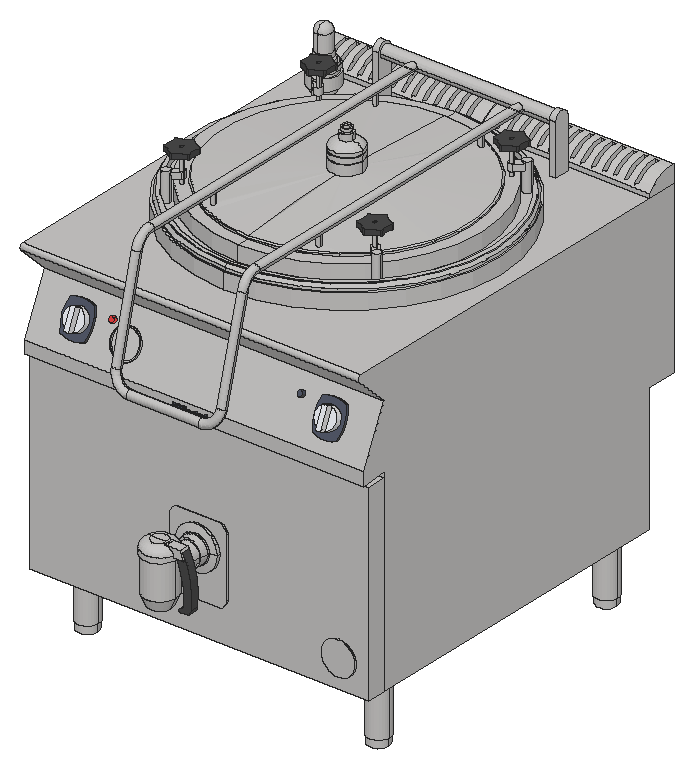
Revit family "QF_ELECTROLUXPROFESSIONAL_391108_E9BSGHDRFC", category Specialty Equipment, Revit 2018 (continued)
Lines and regions (mm)
  symbolic lines
    curve 209: arc (169.615, -295.914, 0) -> (171.677, -296.728, 0) -> (173.74, -295.914, 0) r 3.02
    curve 210: arc (159.181, -237.891, 0) -> (148.498, -233.575, 0) -> (141.51, -242.737, 0) r 9.5
    curve 211: arc (141.51, -242.737, 0) -> (141.692, -244.589, 0) -> (142.232, -246.369, 0) r 9.5
    curve 212: arc (626.292, -229.917, 0) -> (614.378, -238.753, 0) -> (600.772, -244.658, 0) r 65
    curve 213: arc (600.772, -244.658, 0) -> (599.046, -246.028, 0) -> (598.722, -248.207, 0) r 3
    curve 214: arc (598.722, -248.207, 0) -> (600.412, -262.931, 0) -> (598.722, -277.654, 0) r 65
    curve 215: arc (598.722, -277.654, 0) -> (599.046, -279.833, 0) -> (600.772, -281.203, 0) r 3
    curve 216: arc (600.772, -281.203, 0) -> (614.359, -287.097, 0) -> (626.26, -295.914, 0) r 65
    curve 217: arc (626.26, -295.914, 0) -> (628.323, -296.728, 0) -> (630.385, -295.914, 0) r 3.02
    curve 218: arc (630.385, -295.914, 0) -> (642.286, -287.097, 0) -> (655.873, -281.203, 0) r 65
    curve 219: arc (655.873, -281.203, 0) -> (657.599, -279.833, 0) -> (657.923, -277.654, 0) r 3
    curve 220: arc (657.923, -277.654, 0) -> (656.233, -262.931, 0) -> (657.923, -248.207, 0) r 65
    curve 221: arc (657.923, -248.207, 0) -> (657.599, -246.028, 0) -> (655.873, -244.658, 0) r 3
    curve 222: arc (655.873, -244.658, 0) -> (642.267, -238.753, 0) -> (630.353, -229.917, 0) r 65
    curve 223: arc (630.353, -229.917, 0) -> (628.323, -229.115, 0) -> (626.292, -229.917, 0) r 2.971
    curve 224: arc (632.323, -262.931, 0) -> (628.323, -266.931, 0) -> (624.323, -262.931, 0) r 4
    curve 225: arc (624.323, -262.931, 0) -> (628.323, -258.931, 0) -> (632.323, -262.931, 0) r 4
    curve 226: arc (657.768, -246.369, 0) -> (653.24, -234.241, 0) -> (640.819, -237.891, 0) r 9.5
    curve 227: arc (400, -829, 0) -> (341.533, -824.274, 0) -> (284.584, -810.217, 0) r 364
    curve 228: arc (400, -819.087, 0) -> (341.488, -814.219, 0) -> (284.584, -799.749, 0) r 354.087
    curve 229: arc (400, -810.163, 0) -> (341.443, -805.16, 0) -> (284.584, -790.295, 0) r 345.163
    curve 230: arc (400, -785.832, 0) -> (341.301, -780.416, 0) -> (284.584, -764.353, 0) r 320.832
    curve 231: arc (400, -753.723, 0) -> (341.05, -747.641, 0) -> (284.584, -729.651, 0) r 288.723
    curve 232: arc (400, -176.277, 0) -> (458.95, -182.359, 0) -> (515.416, -200.349, 0) r 288.723
    curve 233: arc (400, -144.168, 0) -> (458.699, -149.584, 0) -> (515.416, -165.647, 0) r 320.832
    curve 234: arc (400, -119.837, 0) -> (458.557, -124.84, 0) -> (515.416, -139.705, 0) r 345.163
    curve 235: arc (454.332, -115.106, 0) -> (485.211, -121.319, 0) -> (515.416, -130.251, 0) r 354.087
    curve 236: arc (500.351, -115.106, 0) -> (507.909, -117.363, 0) -> (515.416, -119.783, 0) r 364
    curve 237: arc (284.584, -119.783, 0) -> (292.091, -117.363, 0) -> (299.649, -115.106, 0) r 364
    curve 238: arc (284.584, -130.251, 0) -> (314.789, -121.319, 0) -> (345.668, -115.106, 0) r 354.087
    curve 239: arc (284.584, -139.705, 0) -> (341.443, -124.84, 0) -> (400, -119.837, 0) r 345.163
    curve 240: arc (284.584, -165.647, 0) -> (341.301, -149.584, 0) -> (400, -144.168, 0) r 320.832
    curve 241: arc (284.584, -200.349, 0) -> (341.05, -182.359, 0) -> (400, -176.277, 0) r 288.723
    curve 242: arc (534.416, -209.474, 0) -> (568.945, -230.866, 0) -> (600.131, -256.892, 0) r 288.723
    curve 243: arc (534.416, -173.684, 0) -> (580.763, -199.938, 0) -> (622.126, -233.499, 0) r 320.832
    curve 244: arc (534.416, -147.085, 0) -> (745.163, -465, 0) -> (534.416, -782.915, 0) r 345.163
    curve 245: arc (534.416, -137.418, 0) -> (754.087, -465, 0) -> (534.416, -792.582, 0) r 354.087
    curve 246: arc (534.416, -126.727, 0) -> (764, -465, 0) -> (534.416, -803.273, 0) r 364
    curve 247: arc (265.584, -720.526, 0) -> (231.055, -699.134, 0) -> (199.869, -673.108, 0) r 288.723
    curve 248: arc (265.584, -756.316, 0) -> (219.237, -730.062, 0) -> (177.874, -696.501, 0) r 320.832
    curve 249: arc (265.584, -782.915, 0) -> (54.837, -465, 0) -> (265.584, -147.085, 0) r 345.163
    curve 250: arc (265.584, -792.582, 0) -> (45.913, -465, 0) -> (265.584, -137.418, 0) r 354.087
    curve 251: arc (265.584, -803.273, 0) -> (36, -465, 0) -> (265.584, -126.727, 0) r 364
    curve 252: arc (515.416, -810.217, 0) -> (458.467, -824.274, 0) -> (400, -829, 0) r 364
    curve 253: arc (515.416, -799.749, 0) -> (458.512, -814.219, 0) -> (400, -819.087, 0) r 354.087
    curve 254: arc (515.416, -790.295, 0) -> (458.557, -805.16, 0) -> (400, -810.163, 0) r 345.163
    curve 255: arc (515.416, -764.353, 0) -> (458.699, -780.416, 0) -> (400, -785.832, 0) r 320.832
    curve 256: arc (515.416, -729.651, 0) -> (458.95, -747.641, 0) -> (400, -753.723, 0) r 288.723
    curve 257: arc (199.869, -256.892, 0) -> (231.055, -230.866, 0) -> (265.584, -209.474, 0) r 288.723
    curve 258: arc (177.874, -233.499, 0) -> (219.237, -199.938, 0) -> (265.584, -173.684, 0) r 320.832
    curve 259: arc (632.594, -293.941, 0) -> (688.723, -465, 0) -> (632.594, -636.059, 0) r 288.723
    curve 260: arc (657.013, -272.965, 0) -> (720.832, -465, 0) -> (657.013, -657.035, 0) r 320.832
    curve 261: arc (600.131, -673.108, 0) -> (568.945, -699.134, 0) -> (534.416, -720.526, 0) r 288.723
    curve 262: arc (622.126, -696.501, 0) -> (580.763, -730.062, 0) -> (534.416, -756.316, 0) r 320.832
    curve 263: arc (167.406, -636.059, 0) -> (111.277, -465, 0) -> (167.406, -293.941, 0) r 288.723
    curve 264: arc (142.987, -657.035, 0) -> (79.168, -465, 0) -> (142.987, -272.965, 0) r 320.832
    curve 265: line (284.584, -930, 0) -> (515.416, -930, 0)
    curve 266: line (534.416, -930, 0) -> (800, -930, 0)
    curve 267: arc (363.126, -465, 0) -> (400, -428.126, 0) -> (436.874, -465, 0) r 36.874
    curve 268: arc (436.874, -465, 0) -> (400, -501.874, 0) -> (363.126, -465, 0) r 36.874
    curve 269: arc (411.853, -465, 0) -> (400, -476.853, 0) -> (388.147, -465, 0) r 11.853
    curve 270: arc (388.147, -465, 0) -> (400, -453.147, 0) -> (411.853, -465, 0) r 11.853
    curve 271: arc (393.147, -465, 0) -> (400, -458.147, 0) -> (406.853, -465, 0) r 6.853
    curve 272: arc (406.853, -465, 0) -> (400, -471.853, 0) -> (393.147, -465, 0) r 6.853
  sketch lines
    curve 273: line (524.916, -890.935, 965.089) -> (524.916, -107.606, 965.089)
    curve 274: line (275.084, -890.935, 965.089) -> (275.084, -107.606, 965.089)
    curve 275: line (275.084, -989.388, 712.205) -> (275.084, -929.572, 935.442)
    curve 276: line (484.916, -1000.106, 672.205) -> (315.084, -1000.106, 672.205)
    curve 277: line (524.916, -929.572, 935.442) -> (524.916, -989.388, 712.205)
    curve 278: spline (484.916, -1000.106, 672.205) -> (490.158, -1000.013, 672.551) -> (495.264, -999.741, 673.567) -> (500.22, -999.29, 675.249) -> (504.918, -998.67, 677.565) -> (509.267, -997.891, 680.471) -> (513.2, -996.967, 683.92) -> (516.65, -995.913, 687.855) -> (519.555, -994.746, 692.209) -> (521.869, -993.489, 696.901) -> (523.551, -992.164, 701.847) -> (524.57, -990.793, 706.961) -> (524.916, -989.388, 712.205)
    curve 279: spline (275.084, -989.388, 712.205) -> (275.43, -990.793, 706.963) -> (276.446, -992.161, 701.857) -> (278.128, -993.489, 696.901) -> (280.443, -994.748, 692.203) -> (283.35, -995.913, 687.854) -> (286.799, -996.967, 683.921) -> (290.734, -997.891, 680.471) -> (295.088, -998.67, 677.567) -> (299.78, -999.29, 675.252) -> (304.726, -999.74, 673.571) -> (309.84, -1000.013, 672.552) -> (315.084, -1000.106, 672.205)
    curve 280: arc (275.084, -890.935, 965.089) -> (275.084, -915.286, 956.823) -> (275.084, -929.572, 935.442) r 40
    curve 281: arc (524.916, -929.572, 935.442) -> (524.916, -915.286, 956.823) -> (524.916, -890.935, 965.089) r 40
    curve 282: line (275.084, -107.606, 965.089) -> (275.084, -270.469, 1731.3)
    curve 283: line (275.084, -538.322, 1775.026) -> (275.084, -307.502, 1762.929)
    curve 284: arc (275.084, -270.469, 1731.3) -> (275.084, -283.617, 1753.4) -> (275.084, -307.502, 1762.929) r 40
    curve 285: arc (275.084, -538.322, 1775.026) -> (286.8, -566.568, 1776.497) -> (315.084, -578.268, 1777.106) r 40
    curve 286: line (315.084, -578.268, 1777.106) -> (484.916, -578.268, 1777.106)
    curve 287: arc (524.916, -538.322, 1775.026) -> (513.2, -566.568, 1776.497) -> (484.916, -578.268, 1777.106) r 40
    curve 288: line (524.916, -538.322, 1775.026) -> (524.916, -307.502, 1762.929)
    curve 289: arc (524.916, -270.469, 1731.3) -> (524.916, -283.617, 1753.4) -> (524.916, -307.502, 1762.929) r 40
    curve 290: line (524.916, -107.606, 965.089) -> (524.916, -270.469, 1731.3)
Dimensions and locks
  equal spacing: plane 3 "LEFT", plane 7 "Center Y", plane 4 "RIGHT"
  "Width": plane 3 "LEFT" to plane 4 "RIGHT"
  equal spacing: plane 5 "FRONT", plane 8 "Center X", plane 1 "BACK"
  "Depth": plane 5 "FRONT" to plane 1 "BACK"
  "Height": plane 6 "TOP" to level
  plane 11 to level = 1786 mm  (x2)
  plane 9 "Base" to level = 150 mm  (x2)
  plane 6 "TOP" to plane 9 "Base" = 700 mm
  plane 12 to plane 3 "LEFT" = 56 mm
  plane 4 "RIGHT" to plane 13 = 56 mm
  plane 12 to plane 13 = 688 mm
  Extrusion 3 to plane 10 = 116 mm
  plane 1 "BACK" to Extrusion 3 = 901 mm
  Extrusion 3 to plane 9 "Base" = 299 mm
  plane 1 "BACK" to Extrusion 3 = 72 mm
  Extrusion 19 sketch curve to plane 1 "BACK" = 655 mm
  Extrusion 19 sketch curve to plane 4 "RIGHT" = 54 mm
  Extrusion 20 sketch curve to plane 1 "BACK" = 721 mm
  Extrusion 20 sketch curve to plane 4 "RIGHT" = 71 mm
  Extrusion 20 to plane 1 "BACK" = 721 mm
  Extrusion 19 to plane 1 "BACK" = 655 mm
  plane 14 to plane 4 "RIGHT" = 54 mm
  plane 15 to plane 4 "RIGHT" = 71 mm
  Extrusion 21 sketch curve to plane 1 "BACK" = 646 mm
  Extrusion 21 sketch curve to plane 1 "BACK" = 716 mm
  Extrusion 21 to plane 1 "BACK" = 646 mm
  Extrusion 21 to plane 1 "BACK" = 716 mm
  plane 3 "LEFT" to plane 16 = 46 mm
  plane 1 "BACK" to plane 19 = 127 mm
  Revolve 33 to level = 266 mm
  plane 9 "Base" to Extrusion 21 = 13 mm
  level to Extrusion 21 = 137 mm
  plane 6 "TOP" to level = 850 mm
  Extrusion 36 sketch curve to plane 1 "BACK" = 716 mm
  plane 19 to plane 20 to Extrusion 3 = 674 mm, 100 mm
  aligned and locked: level to plane 2
  aligned and locked: plane 4 "RIGHT" to Extrusion 3
Automatic sketch dimensions
  curve 127 to curve 129 = 0 mm  (x2)
  curve 127 to curve 131 = 0 mm  (x2)
  curve 127 to curve 133 = 0 mm  (x2)
  curve 164 to curve 165 = 0 mm  (x2)
  curve 210 to curve 211 = 0 mm
  curve 227 to curve 228 = 0 mm  (x2)
  curve 227 to curve 229 = 0 mm  (x2)
  curve 227 to curve 230 = 0 mm  (x2)
  curve 227 to curve 231 = 0 mm  (x2)
  curve 227 to curve 232 = 0 mm  (x2)
  curve 227 to curve 233 = 0 mm  (x2)
  curve 227 to curve 234 = 0 mm  (x2)
  curve 227 to curve 235 = 0 mm  (x2)
  curve 227 to curve 236 = 0 mm  (x2)
  curve 227 to curve 237 = 0 mm  (x2)
  curve 227 to curve 238 = 0 mm  (x2)
  curve 227 to curve 239 = 0 mm
  curve 227 to curve 240 = 0 mm
  curve 227 to curve 241 = 0 mm
  curve 227 to curve 242 = 0 mm  (x2)
  curve 227 to curve 243 = 0 mm  (x2)
  curve 227 to curve 244 = 0 mm  (x2)
  curve 227 to curve 245 = 0 mm  (x2)
  curve 227 to curve 246 = 0 mm  (x2)
  curve 227 to curve 247 = 0 mm  (x2)
  curve 227 to curve 248 = 0 mm  (x2)
  curve 227 to curve 249 = 0 mm  (x2)
  curve 227 to curve 250 = 0 mm  (x2)
  curve 227 to curve 251 = 0 mm  (x2)
  curve 227 to curve 252 = 0 mm
  curve 227 to curve 253 = 0 mm
  curve 227 to curve 254 = 0 mm
  curve 227 to curve 255 = 0 mm
  curve 227 to curve 256 = 0 mm
  curve 227 to curve 257 = 0 mm  (x2)
  curve 227 to curve 258 = 0 mm  (x2)
  curve 227 to curve 259 = 0 mm  (x2)
  curve 227 to curve 260 = 0 mm  (x2)
  curve 227 to curve 261 = 0 mm  (x2)
  curve 227 to curve 262 = 0 mm  (x2)
  curve 227 to curve 263 = 0 mm  (x2)
  curve 227 to curve 264 = 0 mm  (x2)
  curve 238 to curve 267 = 0 mm
  curve 249 to curve 267 = 0 mm
  curve 268 to curve 272 = 0 mm  (x2)
  curve 270 to curve 272 = 0 mm  (x2)
  plane 5 "FRONT" to curve 3 = 0 mm
  curve 8 to plane 3 "LEFT" = 0 mm
  curve 132 to plane 19 = 0 mm
  curve 211 to plane 17 = 0 mm
  curve 195 to plane 17 = 0 mm
  plane 5 "FRONT" to curve 4 = 0 mm
  plane 5 "FRONT" to curve 265 = 0 mm
  curve 268 to plane 8 "Center X" = 0 mm
  curve 267 to plane 7 "Center Y" = 0 mm
  curve 164 to plane 7 "Center Y" = 0 mm
  plane 5 "FRONT" to curve 266 = 0 mm
  curve 180 to plane 18 = 0 mm
  curve 226 to plane 18 = 0 mm
  curve 266 to plane 4 "RIGHT" = 0 mm
  plane 5 "FRONT" to curve 1 = 0 mm
  plane 10 to curve 165 = 0 mm
  plane 1 "BACK" to curve 5 = 0 mm
  curve 3 to plane 3 "LEFT" = 50 mm
  plane 1 "BACK" to curve 14 = 6.761 mm
  plane 16 to curve 14 = 17.297 mm
  plane 16 to curve 16 = 8.001 mm
  plane 12 to curve 20 = 0.809 mm
  curve 20 to plane 12 = 8.487 mm
  curve 131 to plane 12 = 19 mm
  curve 206 to plane 12 = 22.767 mm
  curve 185 to plane 12 = 22.767 mm
  plane 1 "BACK" to curve 23 = 6.761 mm
  curve 19 to curve 23 = 16.193 mm
  curve 22 to curve 22 = 9.296 mm
  plane 1 "BACK" to curve 29 = 6.761 mm
  curve 22 to curve 29 = 16.193 mm
  curve 28 to curve 27 = 9.296 mm
  plane 17 to curve 183 = 25.788 mm
  plane 17 to curve 187 = 25.788 mm
  plane 17 to curve 204 = 25.788 mm
  curve 26 to curve 31 = 16.193 mm
  plane 17 to curve 264 = 8.023 mm  (x2)
  curve 31 to curve 33 = 9.296 mm
  curve 206 to curve 264 = 0.91 mm
  curve 211 to curve 210 = 9.5 mm
  curve 184 to curve 264 = 0.91 mm
  curve 210 to curve 206 = 0.567 mm
  plane 17 to curve 186 = 8.933 mm
  curve 205 to curve 206 = 0 mm
  curve 185 to curve 186 = 0 mm
  curve 206 to curve 207 = 0 mm
  curve 185 to curve 184 = 0 mm
  curve 205 to curve 211 = 0.155 mm
  curve 185 to curve 195 = 0.261 mm
  curve 185 to curve 184 = 2.05 mm
  curve 206 to curve 208 = 2.05 mm
  curve 195 to curve 187 = 1.788 mm
  curve 211 to curve 205 = 1.895 mm
  curve 186 to curve 187 = 0 mm
  curve 207 to curve 208 = 0 mm
  curve 183 to curve 184 = 0 mm
  curve 204 to curve 205 = 0 mm
  curve 204 to curve 205 = 0.873 mm
  curve 183 to curve 184 = 0.873 mm
  curve 186 to curve 186 = 0.873 mm
  curve 207 to curve 207 = 2.922 mm
  curve 37 to plane 17 = 6.135 mm
  curve 210 to plane 17 = 8.171 mm
  curve 195 to plane 17 = 8.37 mm
  curve 36 to curve 36 = 9.296 mm
  curve 263 to plane 17 = 16.396 mm  (x2)
  curve 193 to plane 17 = 16.667 mm
  curve 197 to plane 17 = 16.667 mm
  curve 263 to curve 182 = 2.209 mm
  curve 183 to curve 182 = 0 mm
  curve 263 to curve 209 = 2.209 mm
  curve 208 to curve 209 = 0 mm
  curve 210 to curve 203 = 10.466 mm
  curve 195 to curve 188 = 10.267 mm
  curve 204 to curve 203 = 0 mm
  curve 187 to curve 188 = 0 mm
  curve 209 to curve 209 = 2.063 mm  (x2)
  curve 196 to curve 196 = 4 mm
  curve 187 to curve 188 = 2.031 mm
  curve 204 to curve 203 = 2.031 mm
  curve 193 to curve 193 = 4 mm
  curve 183 to curve 182 = 2.063 mm
  curve 203 to curve 203 = 2.031 mm
  curve 188 to curve 188 = 2.031 mm
  curve 202 to curve 203 = 0 mm
  curve 189 to curve 188 = 0 mm
  curve 182 to curve 181 = 2.063 mm
  curve 198 to curve 209 = 0 mm
  curve 182 to curve 181 = 0 mm
  curve 203 to curve 258 = 4.166 mm
  curve 189 to curve 248 = 4.166 mm
  plane 1 "BACK" to curve 38 = 6.761 mm
  curve 35 to curve 38 = 16.193 mm
  curve 39 to curve 148 = 0.877 mm
  curve 39 to curve 41 = 9.296 mm
  curve 148 to curve 148 = 14.583 mm
  curve 248 to curve 190 = 20.482 mm
  curve 196 to curve 199 = 22.678 mm
  curve 258 to curve 201 = 20.482 mm
  curve 193 to curve 192 = 22.678 mm
  curve 192 to curve 181 = 0.873 mm
  curve 190 to curve 190 = 0.873 mm
  curve 201 to curve 201 = 0.873 mm
  curve 202 to curve 201 = 0 mm
  curve 189 to curve 190 = 0 mm
  curve 199 to curve 199 = 0.873 mm
  curve 192 to curve 181 = 0 mm
  curve 198 to curve 199 = 0 mm
  curve 201 to curve 257 = 1.514 mm
  curve 190 to curve 247 = 1.514 mm
  curve 192 to curve 191 = 2.922 mm
  curve 201 to curve 201 = 2.922 mm
  curve 192 to curve 191 = 0 mm
  curve 190 to curve 191 = 2.922 mm
  curve 200 to curve 201 = 0 mm
  curve 190 to curve 191 = 0 mm
  curve 199 to curve 199 = 2.922 mm
  curve 200 to curve 199 = 0 mm
  plane 1 "BACK" to curve 45 = 6.761 mm
  curve 38 to curve 45 = 16.193 mm
  curve 42 to curve 43 = 9.296 mm
  curve 199 to curve 198 = 18.905 mm
  curve 190 to curve 189 = 18.905 mm
  curve 201 to curve 202 = 18.905 mm
  plane 1 "BACK" to curve 47 = 6.761 mm
  curve 43 to curve 47 = 16.193 mm
  curve 47 to curve 48 = 9.296 mm
  plane 1 "BACK" to curve 53 = 6.761 mm
  curve 46 to curve 53 = 16.193 mm
  curve 50 to curve 51 = 9.296 mm
  curve 159 to curve 160 = 11.018 mm
  curve 159 to curve 160 = 0 mm
  curve 152 to curve 159 = 16.906 mm
  curve 238 to plane 19 = 3.251 mm
  curve 251 to curve 238 = 19 mm
  plane 1 "BACK" to curve 54 = 6.761 mm
  curve 51 to curve 54 = 16.193 mm
  curve 54 to curve 54 = 9.296 mm
  curve 153 to curve 237 = 15.065 mm
  curve 56 to curve 58 = 16.193 mm
  curve 160 to plane 5 "FRONT" = 18.895 mm
  curve 265 to curve 160 = 26.349 mm
  curve 160 to curve 158 = 4.31 mm
  curve 156 to plane 10 = 7.425 mm
  curve 60 to curve 59 = 9.296 mm
  plane 1 "BACK" to curve 63 = 6.761 mm
  curve 59 to curve 63 = 16.193 mm
  curve 63 to curve 65 = 9.296 mm
  plane 19 to curve 238 = 11.894 mm
  curve 164 to plane 7 "Center Y" = 40.433 mm
  curve 64 to curve 69 = 16.193 mm
  curve 268 to plane 7 "Center Y" = 36.874 mm
  plane 5 "FRONT" to curve 10 = 4.772 mm
  curve 10 to plane 7 "Center Y" = 31.52 mm
  curve 164 to curve 165 = 8.979 mm
  curve 66 to curve 66 = 9.296 mm
  curve 165 to curve 12 = 4.144 mm
  curve 269 to plane 7 "Center Y" = 11.853 mm
  curve 269 to curve 272 = 5 mm
  plane 7 "Center Y" to curve 136 = 15.663 mm
  curve 13 to curve 165 = 4.144 mm
  plane 1 "BACK" to curve 124 = 6.761 mm
  plane 7 "Center Y" to curve 124 = 29.653 mm
  curve 13 to curve 9 = 4.21 mm
  curve 123 to curve 124 = 9.296 mm
  plane 10 to curve 164 = 10.975 mm
  curve 122 to curve 235 = 15.384 mm
  curve 122 to curve 121 = 16.193 mm
  curve 164 to curve 139 = 17.124 mm
  curve 137 to curve 138 = 3.801 mm
  curve 138 to curve 141 = 3.334 mm
  curve 120 to curve 119 = 9.296 mm
  plane 1 "BACK" to curve 116 = 6.761 mm
  curve 118 to curve 116 = 16.193 mm
  curve 138 to curve 140 = 22.077 mm
  curve 140 to curve 156 = 2.138 mm
  curve 161 to curve 156 = 0 mm
  curve 157 to curve 161 = 0 mm
  curve 161 to curve 163 = 4.31 mm
  curve 115 to curve 117 = 9.296 mm
  curve 235 to curve 236 = 46.018 mm
  curve 114 to curve 113 = 16.193 mm
  curve 110 to curve 111 = 9.296 mm
  curve 161 to curve 254 = 30.659 mm
  curve 155 to curve 162 = 2.094 mm
  curve 163 to plane 10 = 13.503 mm
  curve 162 to curve 163 = 5.889 mm
  curve 162 to curve 163 = 0 mm
  curve 111 to curve 106 = 16.193 mm
  curve 261 to curve 168 = 0.996 mm
  curve 242 to curve 214 = 0.996 mm
  curve 106 to curve 109 = 9.296 mm
  plane 1 "BACK" to curve 105 = 6.761 mm
  curve 108 to curve 105 = 16.193 mm
  curve 102 to curve 102 = 9.296 mm
  curve 243 to curve 212 = 47.451 mm
  curve 216 to plane 18 = 67.123 mm
  curve 166 to plane 18 = 67.123 mm
  curve 262 to curve 170 = 47.451 mm
  curve 103 to curve 99 = 16.193 mm
  curve 99 to curve 101 = 9.296 mm
  curve 168 to plane 18 = 50.268 mm
  curve 215 to plane 18 = 50.268 mm
  curve 214 to curve 215 = 0 mm  (x2)
  curve 167 to curve 168 = 0 mm
  curve 169 to curve 167 = 0 mm
  curve 168 to curve 169 = 0 mm
  curve 213 to curve 214 = 0 mm
  curve 168 to curve 261 = 1.408 mm
  curve 214 to curve 242 = 1.408 mm
  curve 167 to curve 166 = 2.05 mm
  curve 168 to curve 170 = 2.05 mm
  curve 169 to curve 170 = 0 mm
  curve 214 to curve 215 = 2.05 mm
  curve 213 to curve 213 = 2.05 mm
  curve 212 to curve 213 = 0 mm
  curve 216 to curve 215 = 0 mm
  curve 167 to curve 166 = 0 mm
  curve 215 to curve 215 = 0.873 mm
  curve 168 to curve 169 = 2.922 mm
  curve 167 to curve 167 = 2.922 mm
  curve 212 to curve 213 = 0.873 mm
  curve 98 to curve 147 = 10.028 mm
  curve 98 to curve 126 = 16.193 mm
  curve 142 to curve 142 = 14.583 mm
  curve 96 to curve 96 = 9.296 mm
  curve 170 to curve 262 = 21.354 mm
  curve 213 to curve 243 = 21.354 mm
  curve 179 to plane 18 = 24.667 mm
  curve 224 to plane 18 = 24.667 mm
  curve 217 to plane 18 = 22.73 mm
  curve 166 to plane 18 = 22.73 mm
  curve 177 to curve 166 = 0 mm
  curve 216 to curve 217 = 0 mm
  curve 262 to curve 170 = 4.166 mm
  curve 171 to curve 170 = 0 mm
  curve 243 to curve 223 = 4.166 mm
  curve 212 to curve 223 = 0 mm
  curve 171 to curve 171 = 2.031 mm
  curve 178 to curve 178 = 4 mm
  curve 224 to curve 224 = 4 mm
  curve 212 to curve 223 = 2.031 mm
  curve 217 to curve 217 = 2.063 mm
  curve 177 to curve 177 = 2.063 mm  (x2)
  curve 223 to curve 223 = 2.031 mm
  curve 171 to curve 172 = 2.031 mm
  curve 171 to curve 172 = 0 mm
  curve 222 to curve 223 = 0 mm
  curve 217 to curve 218 = 2.063 mm
  curve 217 to curve 218 = 0 mm
  curve 176 to curve 177 = 0 mm
  curve 176 to curve 259 = 2.209 mm
  curve 218 to curve 259 = 2.209 mm
  curve 91 to plane 18 = 15.43 mm
  curve 180 to plane 18 = 8.37 mm
  curve 226 to plane 18 = 8.171 mm
  curve 93 to plane 18 = 6.135 mm
  plane 18 to curve 173 = 6.011 mm
  plane 18 to curve 221 = 6.011 mm
  plane 18 to curve 175 = 6.011 mm
  plane 18 to curve 219 = 6.011 mm
  curve 221 to curve 221 = 0.873 mm
  curve 173 to curve 172 = 0.873 mm
  curve 222 to curve 221 = 0 mm
  curve 173 to curve 172 = 0 mm
  curve 175 to curve 176 = 0.873 mm
  curve 219 to curve 218 = 0.873 mm
  curve 219 to curve 218 = 0 mm
  curve 175 to curve 176 = 0 mm
  curve 219 to curve 260 = 2.012 mm
  curve 175 to curve 260 = 2.012 mm
  curve 173 to curve 180 = 1.788 mm
  curve 221 to curve 226 = 1.895 mm
  curve 175 to curve 175 = 2.922 mm
  curve 226 to curve 221 = 0.155 mm
  curve 220 to curve 221 = 0 mm
  curve 219 to curve 220 = 2.922 mm
  curve 174 to curve 175 = 0 mm
  curve 180 to curve 174 = 0.261 mm
  curve 173 to curve 174 = 0 mm
  curve 219 to curve 220 = 0 mm
  plane 18 to curve 88 = 10.058 mm
  curve 88 to curve 87 = 9.296 mm
  plane 18 to curve 218 = 25.788 mm
  plane 18 to curve 176 = 25.788 mm
  plane 1 "BACK" to curve 84 = 6.761 mm
  curve 86 to curve 84 = 16.193 mm
  curve 83 to curve 84 = 9.296 mm
  plane 1 "BACK" to curve 78 = 6.761 mm
  curve 84 to curve 78 = 16.193 mm
  curve 78 to curve 79 = 9.296 mm
  curve 75 to plane 15 = 6.513 mm
  plane 13 to curve 77 = 0.809 mm
  plane 1 "BACK" to curve 70 = 6.761 mm
  curve 70 to plane 14 = 15.001 mm
  curve 70 to curve 71 = 9.296 mm
  plane 4 "RIGHT" to curve 1 = 50 mm
  curve 136 to curve 138 = 3.039 mm
  curve 156 to curve 157 = 19.044 mm
  curve 159 to curve 153 = 1.575 mm
  curve 162 to curve 161 = 1.575 mm
  curve 252 to curve 229 = 18.837 mm
  curve 253 to curve 229 = 8.924 mm
  curve 245 to curve 244 = 9.667 mm
  curve 255 to curve 262 = 8.036 mm
  curve 230 to curve 256 = 32.108 mm
  curve 172 to curve 262 = 51.031 mm
  curve 195 to curve 193 = 25.162 mm
  curve 180 to curve 178 = 25.162 mm
  curve 264 to curve 184 = 4.689 mm
  curve 196 to curve 210 = 20.194 mm
  curve 225 to curve 242 = 6.038 mm
  curve 257 to curve 241 = 9.125 mm
  curve 258 to curve 240 = 8.036 mm
  curve 127 to curve 127 = 35 mm
  curve 127 to curve 130 = 5 mm
  curve 129 to curve 134 = 5 mm
  curve 133 to curve 131 = 6.817 mm
  curve 234 to curve 235 = 9.454 mm
  plane 19 to curve 149 = 9.5 mm
  curve 144 to curve 146 = 2.379 mm
  curve 146 to curve 147 = 30 mm
  curve 147 to curve 144 = 2.394 mm
  curve 147 to curve 148 = 2.394 mm
  plane 19 to curve 8 = 57.15 mm
  curve 236 to curve 115 = 50.222 mm
  curve 142 to curve 98 = 17.828 mm
  curve 153 to curve 56 = 50.222 mm
  curve 8 to curve 16 = 4.965 mm
  curve 148 to curve 47 = 17.828 mm
  curve 16 to curve 18 = 0 mm
  curve 125 to curve 114 = 0 mm
  curve 148 to curve 45 = 17.828 mm
  curve 41 to curve 42 = 0 mm
  curve 114 to curve 112 = 0 mm
  curve 238 to curve 65 = 50.222 mm
  curve 18 to curve 24 = 0 mm
  curve 32 to curve 39 = 0 mm
  curve 48 to curve 53 = 0 mm
  curve 119 to curve 114 = 0 mm
  curve 142 to curve 96 = 17.828 mm
  curve 103 to curve 98 = 0 mm
  curve 64 to curve 69 = 0 mm
  curve 111 to curve 106 = 0 mm
  curve 95 to curve 87 = 0 mm
  curve 26 to curve 31 = 0 mm
  curve 32 to curve 37 = 0 mm
  curve 56 to curve 61 = 0 mm
  curve 93 to curve 88 = 0 mm
  curve 87 to curve 79 = 0.974 mm
  curve 87 to curve 83 = 0.974 mm
  curve 79 to curve 77 = 0 mm
  curve 74 to curve 73 = 0 mm
  plane 1 "BACK" to curve 75 = 6.761 mm
  plane 1 "BACK" to curve 69 = 6.761 mm
  plane 1 "BACK" to curve 86 = 6.761 mm
  plane 1 "BACK" to curve 91 = 6.761 mm
  plane 1 "BACK" to curve 94 = 6.761 mm
  plane 1 "BACK" to curve 99 = 6.761 mm
  plane 1 "BACK" to curve 107 = 6.761 mm
  plane 1 "BACK" to curve 61 = 6.761 mm
  plane 1 "BACK" to curve 110 = 6.761 mm
  plane 1 "BACK" to curve 118 = 6.761 mm
  plane 1 "BACK" to curve 31 = 6.761 mm
  plane 1 "BACK" to curve 19 = 6.761 mm
  plane 1 "BACK" to curve 35 = 6.761 mm
  curve 2 to plane 1 "BACK" = 50 mm
  Revolve 1 sketch curve to plane 9 "Base" = 0 mm  (x2)
  Revolve 1 sketch curve to level = 0 mm
  plane 12 to Revolve 1 sketch curve = 0 mm  (x2)
  plane 16 to Revolve 1 sketch curve = 13.9 mm
  Revolve 1 sketch curve to Revolve 1 sketch curve = 2.5 mm
  level to Revolve 1 sketch curve = 19.05 mm
  Revolve 1 sketch curve to Revolve 1 sketch curve = 20 mm
  Revolve 2 sketch curve to plane 9 "Base" = 0 mm  (x2)
  Revolve 2 sketch curve to level = 0 mm
  plane 12 to Revolve 2 sketch curve = 0 mm  (x2)
  plane 16 to Revolve 2 sketch curve = 13.9 mm
  Revolve 2 sketch curve to Revolve 2 sketch curve = 2.5 mm
  level to Revolve 2 sketch curve = 19.05 mm
  Revolve 2 sketch curve to Revolve 2 sketch curve = 20 mm
  Extrusion 3 sketch curve to plane 6 "TOP" = 0 mm
  Extrusion 3 sketch curve to plane 9 "Base" = 0 mm  (x2)
  Extrusion 3 sketch curve to plane 1 "BACK" = 0 mm
  plane 19 to Extrusion 3 sketch curve = 55 mm
  Extrusion 3 sketch curve to Extrusion 3 sketch curve = 3.175 mm  (x2)
  Extrusion 3 sketch curve to Extrusion 3 sketch curve = 0.442 mm
  Extrusion 3 sketch curve to plane 5 "FRONT" = 29 mm
  Extrusion 3 sketch curve to plane 5 "FRONT" = 14.69 mm
  Extrusion 3 sketch curve to plane 5 "FRONT" = 7.658 mm
  Extrusion 3 sketch curve to plane 5 "FRONT" = 2.243 mm
  plane 9 "Base" to Extrusion 3 sketch curve = 299 mm
  Extrusion 3 sketch curve to plane 6 "TOP" = 247.929 mm
  Extrusion 3 sketch curve to Extrusion 3 sketch curve = 8.058 mm
  Extrusion 3 sketch curve to Extrusion 3 sketch curve = 9.61 mm
  Extrusion 3 sketch curve to Extrusion 3 sketch curve = 31.298 mm
  Extrusion 3 sketch curve to plane 6 "TOP" = 83.217 mm
  Extrusion 3 sketch curve to plane 6 "TOP" = 13.073 mm
  Extrusion 4 sketch curve to plane 7 "Center Y" = 46.875 mm
  plane 9 "Base" to Extrusion 4 sketch curve = 76.296 mm
  Extrusion 4 sketch curve to Extrusion 4 sketch curve = 20 mm  (x3)
  Extrusion 4 sketch curve to Extrusion 4 sketch curve = 140 mm
  plane 7 "Center Y" to Extrusion 4 sketch curve = 46.875 mm
  Extrusion 4 sketch curve to Extrusion 4 sketch curve = 0 mm
  Revolve 5 sketch curve to plane 7 "Center Y" = 0 mm  (x2)
  plane 7 "Center Y" to Revolve 5 sketch curve = 27.31 mm
  Revolve 5 sketch curve to Revolve 5 sketch curve = 4.21 mm
  Revolve 5 sketch curve to Revolve 5 sketch curve = 2.04 mm
  Revolve 5 sketch curve to Revolve 5 sketch curve = 16.919 mm
  Revolve 5 sketch curve to plane 10 = 22.744 mm
  plane 5 "FRONT" to Revolve 5 sketch curve = 4.737 mm
  Revolve 5 sketch curve to plane 5 "FRONT" = 1.761 mm
  Revolve 5 sketch curve to plane 5 "FRONT" = 13.787 mm
  Revolve 5 sketch curve to Revolve 5 sketch curve = 2.899 mm
  Revolve 5 sketch curve to Revolve 5 sketch curve = 3.596 mm
  Revolve 5 sketch curve to Revolve 5 sketch curve = 24.039 mm
  Revolve 5 sketch curve to Revolve 5 sketch curve = 15.961 mm
  Extrusion 6 sketch curve to Extrusion 3 = 66.87 mm
  Extrusion 6 sketch curve to Extrusion 3 = 126.87 mm
  Extrusion 3 to Extrusion 6 sketch curve = 70.027 mm
  Extrusion 3 to Extrusion 6 sketch curve = 284.973 mm
  plane 18 to Extrusion 7 sketch curve = 20.038 mm
  plane 15 to Extrusion 7 sketch curve = 1.596 mm
  Extrusion 7 sketch curve to Extrusion 7 sketch curve = 0 mm  (x3)
  Extrusion 7 sketch curve to plane 12 = 16.596 mm
  plane 17 to Extrusion 7 sketch curve = 20.038 mm
  Extrusion 7 sketch curve to Extrusion 7 sketch curve = 12.3 mm  (x2)
  Extrusion 7 sketch curve to plane 14 = 7.131 mm
  Extrusion 7 sketch curve to Extrusion 7 sketch curve = 34.925 mm  (x4)
  Extrusion 7 sketch curve to plane 18 = 5.076 mm
  Extrusion 7 sketch curve to plane 17 = 5.076 mm
  plane 16 to Extrusion 7 sketch curve = 0.131 mm
  Extrusion 7 sketch curve to Extrusion 7 sketch curve = 46.691 mm  (x2)
  plane 15 to Extrusion 7 sketch curve = 2.214 mm
  plane 18 to Extrusion 7 sketch curve = 20.651 mm
  Extrusion 7 sketch curve to plane 12 = 17.214 mm
  plane 17 to Extrusion 7 sketch curve = 20.651 mm
  Extrusion 8 sketch curve to Extrusion 8 sketch curve = 0 mm
  Extrusion 8 sketch curve to Extrusion 8 sketch curve = 595.086 mm
  Extrusion 9 sketch curve to Extrusion 9 sketch curve = 24.732 mm  (x2)
  Extrusion 9 sketch curve to Extrusion 9 sketch curve = 0 mm  (x2)
  Extrusion 10 sketch curve to plane 17 = 26.173 mm
  Extrusion 11 sketch curve to plane 18 = 26.173 mm
  plane 7 "Center Y" to Extrusion 12 sketch curve = 21.292 mm
  Extrusion 12 sketch curve to plane 6 "TOP" = 237.067 mm
  Extrusion 12 sketch curve to plane 7 "Center Y" = 13.807 mm
  Extrusion 12 sketch curve to Extrusion 12 sketch curve = 5.041 mm
  plane 7 "Center Y" to Extrusion 12 sketch curve = 5.969 mm
  Extrusion 12 sketch curve to Extrusion 12 sketch curve = 5.06 mm
  Extrusion 12 sketch curve to Extrusion 12 sketch curve = 0 mm  (x27)
  Extrusion 12 sketch curve to Extrusion 12 sketch curve = 5.108 mm  (x2)
  Extrusion 12 sketch curve to Extrusion 12 sketch curve = 0.054 mm
  Extrusion 12 sketch curve to Extrusion 12 sketch curve = 0.218 mm
  Extrusion 12 sketch curve to Extrusion 12 sketch curve = 0.195 mm
  Extrusion 12 sketch curve to Extrusion 12 sketch curve = 0.249 mm
  Extrusion 12 sketch curve to Extrusion 12 sketch curve = 0.316 mm
  Extrusion 12 sketch curve to Extrusion 12 sketch curve = 0.087 mm
  Extrusion 12 sketch curve to Extrusion 12 sketch curve = 0.358 mm
  Extrusion 12 sketch curve to Extrusion 12 sketch curve = 0.481 mm
  Extrusion 12 sketch curve to Extrusion 12 sketch curve = 0.597 mm
  Extrusion 12 sketch curve to Extrusion 12 sketch curve = 0.544 mm
  Extrusion 12 sketch curve to Extrusion 12 sketch curve = 0.936 mm
  Extrusion 12 sketch curve to Extrusion 12 sketch curve = 0.594 mm
  Extrusion 12 sketch curve to Extrusion 12 sketch curve = 0.343 mm
  Extrusion 12 sketch curve to Extrusion 12 sketch curve = 0.159 mm
  Extrusion 12 sketch curve to Extrusion 12 sketch curve = 0.826 mm
  Extrusion 12 sketch curve to Extrusion 12 sketch curve = 0.839 mm
  Extrusion 12 sketch curve to Extrusion 12 sketch curve = 0.852 mm
  Extrusion 12 sketch curve to Extrusion 12 sketch curve = 0.887 mm
  Extrusion 12 sketch curve to Extrusion 12 sketch curve = 0.928 mm
  Extrusion 12 sketch curve to Extrusion 12 sketch curve = 0.938 mm
  Extrusion 12 sketch curve to Extrusion 12 sketch curve = 0.444 mm
  Extrusion 12 sketch curve to Extrusion 12 sketch curve = 1.11 mm  (x3)
  plane 7 "Center Y" to Extrusion 12 sketch curve = 43.726 mm
  Extrusion 12 sketch curve to Extrusion 12 sketch curve = 0.215 mm
  plane 7 "Center Y" to Extrusion 12 sketch curve = 0.332 mm
  Extrusion 12 sketch curve to Extrusion 12 sketch curve = 1.43 mm
  Extrusion 12 sketch curve to Extrusion 12 sketch curve = 1.188 mm
  Extrusion 12 sketch curve to Extrusion 12 sketch curve = 1.21 mm  (x2)
  Extrusion 12 sketch curve to Extrusion 12 sketch curve = 0.503 mm
  plane 7 "Center Y" to Extrusion 12 sketch curve = 48.995 mm
  Extrusion 12 sketch curve to Extrusion 12 sketch curve = 0.488 mm
  plane 7 "Center Y" to Extrusion 12 sketch curve = 52.922 mm
  Extrusion 12 sketch curve to Extrusion 12 sketch curve = 0.462 mm
  Extrusion 12 sketch curve to Extrusion 12 sketch curve = 1.386 mm
  Extrusion 12 sketch curve to Extrusion 12 sketch curve = 1.742 mm
  Extrusion 12 sketch curve to Extrusion 12 sketch curve = 0.821 mm
  Extrusion 12 sketch curve to Extrusion 12 sketch curve = 0.497 mm
  Extrusion 12 sketch curve to Extrusion 12 sketch curve = 0.539 mm
  Extrusion 12 sketch curve to Extrusion 12 sketch curve = 0.199 mm
  Extrusion 12 sketch curve to plane 7 "Center Y" = 0.042 mm
  Extrusion 12 sketch curve to Extrusion 12 sketch curve = 0.408 mm
  Extrusion 12 sketch curve to Extrusion 12 sketch curve = 0.743 mm
  Extrusion 12 sketch curve to Extrusion 12 sketch curve = 1.16 mm
  Extrusion 12 sketch curve to Extrusion 12 sketch curve = 0.329 mm
  Extrusion 12 sketch curve to Extrusion 12 sketch curve = 1.054 mm
  Extrusion 12 sketch curve to Extrusion 12 sketch curve = 1.056 mm
  Extrusion 12 sketch curve to Extrusion 12 sketch curve = 0.129 mm
  Extrusion 12 sketch curve to Extrusion 12 sketch curve = 0.489 mm
  Extrusion 12 sketch curve to plane 7 "Center Y" = 0.376 mm
  Extrusion 12 sketch curve to Extrusion 12 sketch curve = 0.441 mm
  Extrusion 12 sketch curve to Extrusion 12 sketch curve = 1.151 mm
  Extrusion 12 sketch curve to Extrusion 12 sketch curve = 1.141 mm  (x2)
  Extrusion 12 sketch curve to Extrusion 12 sketch curve = 0.768 mm
  Extrusion 12 sketch curve to Extrusion 12 sketch curve = 1.653 mm
  Extrusion 12 sketch curve to Extrusion 12 sketch curve = 0.499 mm
  Extrusion 12 sketch curve to Extrusion 12 sketch curve = 0.964 mm
  Extrusion 12 sketch curve to Extrusion 12 sketch curve = 0.949 mm
  Extrusion 12 sketch curve to Extrusion 12 sketch curve = 1.345 mm  (x3)
  Extrusion 12 sketch curve to Extrusion 12 sketch curve = 1.101 mm
  Extrusion 12 sketch curve to Extrusion 12 sketch curve = 0.432 mm
  Extrusion 12 sketch curve to Extrusion 12 sketch curve = 1.142 mm
  Extrusion 12 sketch curve to Extrusion 12 sketch curve = 0.959 mm
  Extrusion 12 sketch curve to Extrusion 12 sketch curve = 0.176 mm
  Extrusion 12 sketch curve to Extrusion 12 sketch curve = 0.728 mm
  Extrusion 12 sketch curve to Extrusion 12 sketch curve = 3.375 mm  (x2)
  Extrusion 12 sketch curve to Extrusion 12 sketch curve = 0.541 mm
  Extrusion 12 sketch curve to Extrusion 12 sketch curve = 0.955 mm
  Extrusion 12 sketch curve to Extrusion 12 sketch curve = 1.251 mm
  Extrusion 12 sketch curve to Extrusion 12 sketch curve = 0.572 mm
  plane 7 "Center Y" to Extrusion 12 sketch curve = 47.619 mm
  Extrusion 12 sketch curve to Extrusion 12 sketch curve = 1.92 mm
  Extrusion 12 sketch curve to Extrusion 12 sketch curve = 1.224 mm
  Extrusion 12 sketch curve to Extrusion 12 sketch curve = 0.745 mm
  Extrusion 12 sketch curve to Extrusion 12 sketch curve = 0.036 mm
  Extrusion 12 sketch curve to Extrusion 12 sketch curve = 0.896 mm  (x3)
  Extrusion 12 sketch curve to Extrusion 12 sketch curve = 2.607 mm
  Extrusion 12 sketch curve to Extrusion 12 sketch curve = 0.066 mm
  Extrusion 12 sketch curve to Extrusion 12 sketch curve = 0.248 mm
  Extrusion 12 sketch curve to Extrusion 12 sketch curve = 0.449 mm
  plane 7 "Center Y" to Extrusion 12 sketch curve = 46.838 mm
  Extrusion 12 sketch curve to Extrusion 12 sketch curve = 1.052 mm
  Extrusion 12 sketch curve to Extrusion 12 sketch curve = 1.863 mm
  Extrusion 12 sketch curve to Extrusion 12 sketch curve = 1.31 mm  (x2)
  Extrusion 12 sketch curve to Extrusion 12 sketch curve = 0.901 mm
  Extrusion 12 sketch curve to Extrusion 12 sketch curve = 1.107 mm
  Extrusion 12 sketch curve to Extrusion 12 sketch curve = 2.122 mm
  Extrusion 12 sketch curve to Extrusion 12 sketch curve = 2.101 mm
  Extrusion 12 sketch curve to Extrusion 12 sketch curve = 0.106 mm
  Extrusion 12 sketch curve to Extrusion 12 sketch curve = 0.029 mm
  plane 7 "Center Y" to Extrusion 12 sketch curve = 49.641 mm
  Extrusion 12 sketch curve to Extrusion 12 sketch curve = 2.09 mm
  Extrusion 12 sketch curve to Extrusion 12 sketch curve = 1.279 mm
  Extrusion 12 sketch curve to Extrusion 12 sketch curve = 2.008 mm
  Extrusion 12 sketch curve to Extrusion 12 sketch curve = 0.738 mm
  Extrusion 12 sketch curve to Extrusion 12 sketch curve = 0.382 mm
  Extrusion 12 sketch curve to Extrusion 12 sketch curve = 0.384 mm
  Extrusion 12 sketch curve to Extrusion 12 sketch curve = 0.002 mm
  Extrusion 12 sketch curve to Extrusion 12 sketch curve = 0.561 mm
  Extrusion 12 sketch curve to Extrusion 12 sketch curve = 0.592 mm
  Extrusion 12 sketch curve to Extrusion 12 sketch curve = 2.692 mm
  Extrusion 12 sketch curve to Extrusion 12 sketch curve = 1.259 mm
  plane 7 "Center Y" to Extrusion 12 sketch curve = 48.858 mm
  Extrusion 12 sketch curve to Extrusion 12 sketch curve = 0.802 mm
  Extrusion 12 sketch curve to Extrusion 12 sketch curve = 1.024 mm
  Extrusion 12 sketch curve to Extrusion 12 sketch curve = 0.682 mm
  Extrusion 12 sketch curve to Extrusion 12 sketch curve = 5.934 mm
  Extrusion 12 sketch curve to Extrusion 12 sketch curve = 2.186 mm
  Extrusion 12 sketch curve to Extrusion 12 sketch curve = 0.337 mm
  Extrusion 12 sketch curve to Extrusion 12 sketch curve = 0.021 mm
  Extrusion 12 sketch curve to Extrusion 12 sketch curve = 1.005 mm
  Extrusion 12 sketch curve to Extrusion 12 sketch curve = 0.552 mm
  Extrusion 12 sketch curve to Extrusion 12 sketch curve = 0.778 mm
  Extrusion 12 sketch curve to Extrusion 12 sketch curve = 0.063 mm
  Extrusion 12 sketch curve to Extrusion 12 sketch curve = 1.023 mm
  Extrusion 12 sketch curve to Extrusion 12 sketch curve = 3.804 mm
  Extrusion 12 sketch curve to Extrusion 12 sketch curve = 0.486 mm
  Extrusion 12 sketch curve to Extrusion 12 sketch curve = 0.266 mm
  Extrusion 12 sketch curve to plane 7 "Center Y" = 0.787 mm
  Extrusion 12 sketch curve to Extrusion 12 sketch curve = 1.547 mm
  Extrusion 12 sketch curve to Extrusion 12 sketch curve = 0.717 mm  (x2)
  Extrusion 12 sketch curve to Extrusion 12 sketch curve = 1.667 mm
  plane 7 "Center Y" to Extrusion 12 sketch curve = 44.532 mm
  Extrusion 12 sketch curve to Extrusion 12 sketch curve = 3.174 mm
  plane 7 "Center Y" to Extrusion 12 sketch curve = 0.368 mm
  Extrusion 12 sketch curve to Extrusion 12 sketch curve = 0.388 mm
  Extrusion 12 sketch curve to Extrusion 12 sketch curve = 1.342 mm
  plane 7 "Center Y" to Extrusion 12 sketch curve = 50.135 mm
  Extrusion 12 sketch curve to Extrusion 12 sketch curve = 1.521 mm
  plane 7 "Center Y" to Extrusion 12 sketch curve = 51.694 mm
  Extrusion 12 sketch curve to Extrusion 12 sketch curve = 0.124 mm
  Extrusion 12 sketch curve to Extrusion 12 sketch curve = 0.291 mm
  plane 7 "Center Y" to Extrusion 12 sketch curve = 7.285 mm
  Extrusion 12 sketch curve to Extrusion 12 sketch curve = 1.049 mm  (x2)
  plane 7 "Center Y" to Extrusion 12 sketch curve = 47.668 mm
  Extrusion 12 sketch curve to Extrusion 12 sketch curve = 1.7 mm
  Extrusion 12 sketch curve to Extrusion 12 sketch curve = 0.894 mm
  Extrusion 12 sketch curve to Extrusion 12 sketch curve = 0.989 mm
  Extrusion 12 sketch curve to Extrusion 12 sketch curve = 1.168 mm
  Extrusion 12 sketch curve to Extrusion 12 sketch curve = 1.594 mm
  Extrusion 12 sketch curve to Extrusion 12 sketch curve = 0.731 mm
  Extrusion 12 sketch curve to Extrusion 12 sketch curve = 1.566 mm
  Extrusion 12 sketch curve to Extrusion 12 sketch curve = 0.064 mm
  plane 7 "Center Y" to Extrusion 12 sketch curve = 7.842 mm
  Extrusion 12 sketch curve to Extrusion 12 sketch curve = 0.556 mm
  Extrusion 12 sketch curve to Extrusion 12 sketch curve = 0.48 mm
  Extrusion 12 sketch curve to Extrusion 12 sketch curve = 0.228 mm
  Extrusion 12 sketch curve to Extrusion 12 sketch curve = 1.018 mm
  plane 7 "Center Y" to Extrusion 12 sketch curve = 37.429 mm
  Extrusion 12 sketch curve to Extrusion 12 sketch curve = 0.787 mm
  Extrusion 12 sketch curve to Extrusion 12 sketch curve = 0.618 mm
  plane 7 "Center Y" to Extrusion 12 sketch curve = 42.486 mm
  Extrusion 12 sketch curve to Extrusion 12 sketch curve = 1.672 mm
  plane 7 "Center Y" to Extrusion 12 sketch curve = 53.436 mm
  Extrusion 12 sketch curve to Extrusion 12 sketch curve = 1.361 mm
  Extrusion 12 sketch curve to Extrusion 12 sketch curve = 0.822 mm
  Extrusion 12 sketch curve to Extrusion 12 sketch curve = 0.069 mm
  Extrusion 12 sketch curve to Extrusion 12 sketch curve = 1.88 mm
  plane 7 "Center Y" to Extrusion 12 sketch curve = 35.269 mm
  Extrusion 12 sketch curve to Extrusion 12 sketch curve = 0.42 mm
  Extrusion 12 sketch curve to Extrusion 12 sketch curve = 0.062 mm
  Extrusion 12 sketch curve to Extrusion 12 sketch curve = 1.355 mm
  Extrusion 12 sketch curve to Extrusion 12 sketch curve = 2.34 mm
  Extrusion 12 sketch curve to Extrusion 12 sketch curve = 0.493 mm
  Extrusion 12 sketch curve to Extrusion 12 sketch curve = 0.136 mm
  Extrusion 12 sketch curve to Extrusion 12 sketch curve = 0.128 mm
  Extrusion 12 sketch curve to Extrusion 12 sketch curve = 3.616 mm
  Extrusion 12 sketch curve to Extrusion 12 sketch curve = 4.207 mm
  Extrusion 12 sketch curve to Extrusion 12 sketch curve = 0.183 mm
  Extrusion 12 sketch curve to Extrusion 12 sketch curve = 0.895 mm
  Extrusion 12 sketch curve to Extrusion 12 sketch curve = 1.314 mm
  Extrusion 12 sketch curve to Extrusion 12 sketch curve = 3.231 mm
  Extrusion 12 sketch curve to plane 7 "Center Y" = 23.526 mm
  Extrusion 12 sketch curve to Extrusion 12 sketch curve = 1.299 mm
  Extrusion 12 sketch curve to Extrusion 12 sketch curve = 1.214 mm
  plane 7 "Center Y" to Extrusion 12 sketch curve = 26.369 mm
  Extrusion 12 sketch curve to Extrusion 12 sketch curve = 1.264 mm
  Extrusion 12 sketch curve to Extrusion 12 sketch curve = 0.109 mm
  Extrusion 12 sketch curve to Extrusion 12 sketch curve = 0.357 mm
  Extrusion 12 sketch curve to Extrusion 12 sketch curve = 0.565 mm
  Extrusion 12 sketch curve to Extrusion 12 sketch curve = 2.504 mm
  Extrusion 12 sketch curve to Extrusion 12 sketch curve = 2.459 mm
  Extrusion 12 sketch curve to Extrusion 12 sketch curve = 0.983 mm
  Extrusion 12 sketch curve to Extrusion 12 sketch curve = 0.422 mm  (x2)
  Extrusion 12 sketch curve to Extrusion 12 sketch curve = 1.268 mm
  Extrusion 12 sketch curve to Extrusion 12 sketch curve = 0.671 mm
  Extrusion 12 sketch curve to Extrusion 12 sketch curve = 1.634 mm
  Extrusion 12 sketch curve to Extrusion 12 sketch curve = 0.132 mm
  Extrusion 12 sketch curve to Extrusion 12 sketch curve = 0.586 mm
  Extrusion 12 sketch curve to Extrusion 12 sketch curve = 1.241 mm
  Extrusion 12 sketch curve to Extrusion 12 sketch curve = 1.689 mm
  Extrusion 12 sketch curve to Extrusion 12 sketch curve = 0.627 mm
  Extrusion 12 sketch curve to Extrusion 12 sketch curve = 0.419 mm
  Extrusion 12 sketch curve to Extrusion 12 sketch curve = 1.514 mm
  Extrusion 12 sketch curve to Extrusion 12 sketch curve = 1.019 mm
  Extrusion 12 sketch curve to Extrusion 12 sketch curve = 0.065 mm
  Extrusion 12 sketch curve to Extrusion 12 sketch curve = 1.215 mm
  Extrusion 12 sketch curve to Extrusion 12 sketch curve = 1.122 mm
  Extrusion 12 sketch curve to Extrusion 12 sketch curve = 1.153 mm
  Extrusion 12 sketch curve to Extrusion 12 sketch curve = 1.223 mm
  Extrusion 12 sketch curve to Extrusion 12 sketch curve = 0.934 mm
  Extrusion 12 sketch curve to Extrusion 12 sketch curve = 3.376 mm
  Extrusion 12 sketch curve to Extrusion 12 sketch curve = 0.222 mm
  Extrusion 12 sketch curve to Extrusion 12 sketch curve = 1.383 mm
  Extrusion 12 sketch curve to Extrusion 12 sketch curve = 1.556 mm
  Extrusion 12 sketch curve to Extrusion 12 sketch curve = 2.559 mm
  Extrusion 12 sketch curve to Extrusion 12 sketch curve = 2.51 mm
  Extrusion 12 sketch curve to Extrusion 12 sketch curve = 0.131 mm
  Extrusion 12 sketch curve to Extrusion 12 sketch curve = 1.134 mm
  Extrusion 12 sketch curve to Extrusion 12 sketch curve = 0.094 mm
  Extrusion 12 sketch curve to Extrusion 12 sketch curve = 1.584 mm
  Extrusion 12 sketch curve to Extrusion 12 sketch curve = 0.27 mm
  Extrusion 12 sketch curve to Extrusion 12 sketch curve = 0.916 mm
  Extrusion 12 sketch curve to Extrusion 12 sketch curve = 0.352 mm
  Extrusion 12 sketch curve to Extrusion 12 sketch curve = 0.458 mm
  Extrusion 12 sketch curve to Extrusion 12 sketch curve = 1.282 mm
  Extrusion 12 sketch curve to Extrusion 12 sketch curve = 1.363 mm
  Extrusion 12 sketch curve to Extrusion 12 sketch curve = 0.685 mm
  Extrusion 12 sketch curve to Extrusion 12 sketch curve = 0.905 mm
  Extrusion 12 sketch curve to Extrusion 12 sketch curve = 1.477 mm
  Extrusion 12 sketch curve to Extrusion 12 sketch curve = 0.472 mm
  Extrusion 12 sketch curve to Extrusion 12 sketch curve = 0.101 mm
  Extrusion 12 sketch curve to Extrusion 12 sketch curve = 0.54 mm
  Extrusion 12 sketch curve to Extrusion 12 sketch curve = 0.02 mm
  Extrusion 12 sketch curve to Extrusion 12 sketch curve = 0.829 mm
  Extrusion 12 sketch curve to Extrusion 12 sketch curve = 0.582 mm
  Extrusion 12 sketch curve to Extrusion 12 sketch curve = 0.166 mm
  Extrusion 12 sketch curve to Extrusion 12 sketch curve = 0.16 mm
  Extrusion 12 sketch curve to Extrusion 12 sketch curve = 1.118 mm
  Extrusion 12 sketch curve to Extrusion 12 sketch curve = 0.613 mm
  Extrusion 12 sketch curve to Extrusion 12 sketch curve = 0.781 mm
  Extrusion 12 sketch curve to Extrusion 12 sketch curve = 0.361 mm
  Extrusion 12 sketch curve to Extrusion 12 sketch curve = 0.897 mm
  Extrusion 12 sketch curve to Extrusion 12 sketch curve = 0.167 mm
  Extrusion 12 sketch curve to Extrusion 12 sketch curve = 0.292 mm
  Extrusion 12 sketch curve to Extrusion 12 sketch curve = 0.305 mm
  Extrusion 12 sketch curve to Extrusion 12 sketch curve = 1.557 mm
  Extrusion 12 sketch curve to Extrusion 12 sketch curve = 2.499 mm
  Extrusion 12 sketch curve to Extrusion 12 sketch curve = 3.062 mm
  Extrusion 12 sketch curve to Extrusion 12 sketch curve = 2.968 mm
  Extrusion 12 sketch curve to Extrusion 12 sketch curve = 5.044 mm
  Extrusion 12 sketch curve to Extrusion 12 sketch curve = 0.629 mm  (x2)
  Extrusion 12 sketch curve to Extrusion 12 sketch curve = 1.131 mm
  Extrusion 12 sketch curve to Extrusion 12 sketch curve = 0.137 mm
  Extrusion 12 sketch curve to Extrusion 12 sketch curve = 0.027 mm
  Extrusion 12 sketch curve to Extrusion 12 sketch curve = 2.046 mm
  Extrusion 12 sketch curve to Extrusion 12 sketch curve = 2.235 mm
  Revolve 13 sketch curve to plane 6 "TOP" = 0 mm
  Revolve 13 sketch curve to plane 8 "Center X" = 0 mm  (x2)
  Revolve 13 sketch curve to Revolve 13 sketch curve = 2.777 mm  (x2)
  Revolve 13 sketch curve to Revolve 13 sketch curve = 8.924 mm
  Revolve 13 sketch curve to Revolve 13 sketch curve = 13.837 mm
  Revolve 13 sketch curve to level = 1659.206 mm
  plane 6 "TOP" to Revolve 13 sketch curve = 37.198 mm
  Revolve 13 sketch curve to Revolve 13 sketch curve = 1.927 mm
  plane 6 "TOP" to Revolve 13 sketch curve = 40.825 mm
  Revolve 13 sketch curve to Revolve 13 sketch curve = 5.725 mm
  Revolve 13 sketch curve to Revolve 13 sketch curve = 8.509 mm
  Revolve 13 sketch curve to Revolve 13 sketch curve = 1.804 mm
  Revolve 13 sketch curve to Revolve 13 sketch curve = 35.657 mm
  Revolve 13 sketch curve to Revolve 13 sketch curve = 3.37 mm
  Revolve 13 sketch curve to Revolve 13 sketch curve = 6.257 mm
  Extrusion 14 sketch curve to plane 6 "TOP" = 0 mm
  Extrusion 14 sketch curve to plane 1 "BACK" = 0 mm
  plane 1 "BACK" to Extrusion 14 sketch curve = 4.947 mm
  plane 6 "TOP" to Extrusion 14 sketch curve = 10.4 mm
  plane 19 to Extrusion 14 sketch curve = 57.15 mm
  Extrusion 14 sketch curve to plane 6 "TOP" = 39.807 mm
  plane 1 "BACK" to Extrusion 15 sketch curve = 6.761 mm  (x14)
  Extrusion 15 sketch curve to Extrusion 15 sketch curve = 57.15 mm
  Extrusion 15 sketch curve to Extrusion 15 sketch curve = 0 mm  (x13)
  plane 16 to Extrusion 15 sketch curve = 8.001 mm
  Extrusion 15 sketch curve to Extrusion 15 sketch curve = 9.296 mm  (x13)
  plane 12 to Extrusion 15 sketch curve = 0.809 mm
  Extrusion 15 sketch curve to plane 12 = 8.487 mm
  Extrusion 15 sketch curve to Extrusion 15 sketch curve = 16.193 mm  (x11)
  Extrusion 15 sketch curve to plane 17 = 6.135 mm
  Extrusion 16 sketch curve to plane 6 "TOP" = 0 mm
  Extrusion 16 sketch curve to plane 1 "BACK" = 0 mm
  plane 1 "BACK" to Extrusion 16 sketch curve = 4.947 mm
  plane 6 "TOP" to Extrusion 16 sketch curve = 10.4 mm
  plane 19 to Extrusion 16 sketch curve = 57.15 mm
  Extrusion 16 sketch curve to Extrusion 16 sketch curve = 42.1 mm
  plane 1 "BACK" to Extrusion 17 sketch curve = 6.761 mm  (x14)
  Extrusion 17 sketch curve to Extrusion 17 sketch curve = 57.15 mm
  Extrusion 17 sketch curve to Extrusion 17 sketch curve = 0 mm  (x13)
  Extrusion 17 sketch curve to plane 15 = 6.513 mm
  plane 15 to Extrusion 17 sketch curve = 9.68 mm
  Extrusion 17 sketch curve to Extrusion 17 sketch curve = 9.296 mm  (x13)
  Extrusion 17 sketch curve to Extrusion 17 sketch curve = 16.193 mm  (x10)
  Extrusion 17 sketch curve to plane 18 = 6.135 mm
  plane 13 to Extrusion 17 sketch curve = 0.809 mm
  Extrusion 17 sketch curve to plane 14 = 15.001 mm
  Extrusion 18 sketch curve to plane 17 = 124.074 mm  (x2)
  Extrusion 18 sketch curve to plane 18 = 124.074 mm  (x2)
  Extrusion 18 sketch curve to plane 19 = 98.372 mm  (x2)
  Extrusion 21 sketch curve to Extrusion 3 = 46 mm  (x2)
  plane 5 "FRONT" to Extrusion 22 sketch curve = 0 mm  (x2)
  Extrusion 22 sketch curve to plane 3 "LEFT" = 0 mm
  plane 1 "BACK" to Extrusion 22 sketch curve = 0 mm
  Extrusion 22 sketch curve to plane 4 "RIGHT" = 0 mm
  Extrusion 22 sketch curve to plane 3 "LEFT" = 50 mm
  plane 4 "RIGHT" to Extrusion 22 sketch curve = 50 mm
  Extrusion 22 sketch curve to plane 1 "BACK" = 50 mm
  Extrusion 23 sketch curve to plane 6 "TOP" = 0 mm
  plane 19 to Extrusion 23 sketch curve = 9.5 mm
  Extrusion 23 sketch curve to Extrusion 23 sketch curve = 17.394 mm
  Extrusion 23 sketch curve to Extrusion 23 sketch curve = 117.07 mm
  plane 19 to Extrusion 24 sketch curve = 26.894 mm
  plane 6 "TOP" to Extrusion 24 sketch curve = 115.089 mm
  Extrusion 25 sketch curve to plane 6 "TOP" = 0 mm
  plane 19 to Extrusion 25 sketch curve = 9.5 mm
  Extrusion 25 sketch curve to Extrusion 25 sketch curve = 17.394 mm
  Extrusion 25 sketch curve to Extrusion 25 sketch curve = 117.07 mm
  Extrusion 26 sketch curve to plane 17 = 66.922 mm
  Split face 1 sketch curve to Split face 1 sketch curve = 0.836 mm
  Split face 1 sketch curve to Split face 1 sketch curve = 1.45 mm
  Split face 1 sketch curve to Split face 1 sketch curve = 19.376 mm
  Split face 1 sketch curve to Split face 1 sketch curve = 0.222 mm
  Split face 1 sketch curve to Split face 1 sketch curve = 0.237 mm
  Split face 1 sketch curve to Split face 1 sketch curve = 0.785 mm
  Split face 1 sketch curve to Split face 1 sketch curve = 1.487 mm
  Split face 1 sketch curve to Split face 1 sketch curve = 4.448 mm
  Split face 1 sketch curve to Split face 1 sketch curve = 1.554 mm  (x2)
  Split face 1 sketch curve to Split face 1 sketch curve = 4.065 mm
  Split face 1 sketch curve to Split face 1 sketch curve = 16.107 mm
  Split face 1 sketch curve to Split face 1 sketch curve = 0.246 mm
  Revolve 28 sketch curve to plane 6 "TOP" = 0 mm
  Revolve 28 sketch curve to plane 19 = 0 mm  (x2)
  Revolve 28 sketch curve to plane 19 = 18.183 mm
  Revolve 28 sketch curve to Revolve 28 sketch curve = 2.332 mm
  Revolve 28 sketch curve to Revolve 28 sketch curve = 4.485 mm  (x2)
  Revolve 28 sketch curve to plane 19 = 25 mm
  Revolve 28 sketch curve to Revolve 28 sketch curve = 5 mm  (x2)
  Revolve 28 sketch curve to Revolve 28 sketch curve = 0 mm  (x2)
  Revolve 28 sketch curve to Revolve 28 sketch curve = 3.008 mm
  Revolve 28 sketch curve to Revolve 28 sketch curve = 10 mm  (x2)
  plane 6 "TOP" to Revolve 28 sketch curve = 15.138 mm
  Revolve 28 sketch curve to Revolve 28 sketch curve = 27.785 mm
  Revolve 28 sketch curve to Revolve 28 sketch curve = 8.509 mm
  Revolve 28 sketch curve to Revolve 28 sketch curve = 8.128 mm
  Revolve 28 sketch curve to Revolve 28 sketch curve = 6.455 mm
  Revolve 28 sketch curve to Revolve 28 sketch curve = 10.697 mm
  Revolve 28 sketch curve to Revolve 28 sketch curve = 40.669 mm
  Revolve 13 to Extrusion 29 sketch curve = 248.99 mm  (x2)
  Extrusion 29 sketch curve to Revolve 13 = 248.99 mm  (x2)
  Extrusion 29 sketch curve to Extrusion 29 sketch curve = 0 mm
  Extrusion 29 sketch curve to Extrusion 29 sketch curve = 445 mm  (x2)
  Extrusion 30 sketch curve to plane 17 = 0 mm  (x2)
  Extrusion 30 sketch curve to plane 18 = 0 mm  (x2)
  plane 17 to Extrusion 30 sketch curve = 2.034 mm  (x2)
  Extrusion 30 sketch curve to plane 17 = 9.28 mm  (x2)
  Extrusion 30 sketch curve to plane 17 = 14.468 mm  (x2)
  Extrusion 30 sketch curve to Extrusion 30 sketch curve = 5.657 mm  (x12)
  Extrusion 30 sketch curve to plane 18 = 25.782 mm  (x2)
  Extrusion 30 sketch curve to plane 18 = 9.28 mm  (x2)
